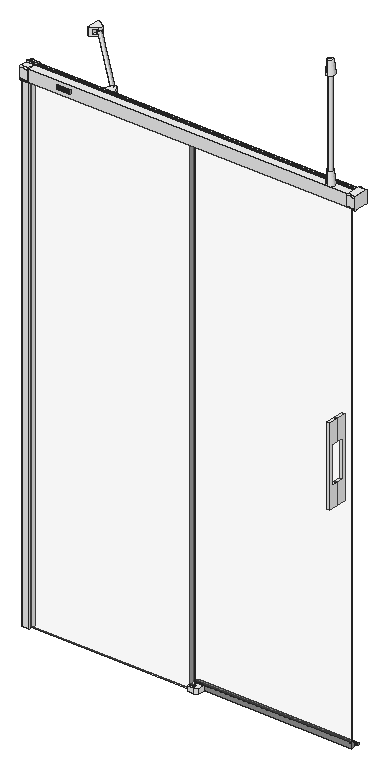
Revit family "Sanitary_Shower-screens_Duscholux_DuschoGredel_DuschoEryx _Separator-slider-door-shower", category Plumbing Fixtures, Revit 2017
Family settings
  Round Connector Dimension = Use Diameter
  Part Type = Normal
  OmniClass Number = 23.45.00.00
  OmniClass Title = Sanitary, Laundry, and Cleaning Equipment
  Work Plane-Based = No
  Always vertical = Yes
  Cut with Voids When Loaded = No
  Shared = No
  Room Calculation Point = No
Parameters (values of type "White Aluminium Finish")
  Visibility Vertical support = if(Min Max Width > 1100 mm, 1 < 2, 1 > 2)  # yes
  Vertical Support Lenght = 400 mm
  Uniclass 2015 Description = "Shower Enclosures"
  Uniclass 2015 Code = "PR-40-20-06-79"
  URL = "http://www.duscholux.es/"
  UNSPSC Code = "30181507"
  Thickness Safety Glass Sliding = 5 mm  # constant formula
  Text logo visibility = yes
  Wall Support lenght = sqrt(D1 ^ 2 + D1 ^ 2)  # 353.553 mm
  Technical Inspection Certificate (Applus) = "http://www.duscholux.es/resources/custom/var/APPLUS_en.pdf"
  Serie = "Duscho Gredel"
  Region South America = "Consult"
  Region Oceania = "Consult"
  Region North America = "Consult"
  Region Middle East = "Consult"
  Region Europe = "AD, ES, FR, PT"
  Region Asia = "Consult"
  Region Antartica = "Consult"
  Region Africa = "Consult"
  Ref. = "6OI / 6OD"
  Products = "http://www.duscholux.es/mamparas_filtro.aspx?es"
  Product group = "Slider door (Separator for Shower)"
  Product family = "Duscho Gredel"
  Optional = "Towel rail / Shelf"
  Opening System Image = "http://blob.duscholux.es/pluma512/SDIzq1f1pcorredera.gif"
  Opening System = "Sliding"
  Opening Percentage = 0
  Net Weight (Kg) = 48
  NBS Reference Description = "Shower Enclosures"
  NBS Reference Code = "45-35-70"
  Model = "DuschoEryx"
  Manufacturer name = "Duscholux Ibérica, S.A."
  Manufacturer country = "Spain"
  Maintenance and Cleaning = "http://www.duscholux.es/mamparas_limpieza.aspx?en"
  Logo visibility = yes
  Image = "http://www.duscholux.es/media/image/mamparas/m/6OI.jpg"
  IFC Classification = "Furnishing Element"
  Manufacturer = "Duscholux Ibérica, S.A."
  Handle Material = White Finish
  Glass in Building UNE EN 12150 = "CE Conformity marking"
  Glass Material = Glass Material Duscholux
  Frame Material = White Finish
  Thickness Safety Glass Fixed Panel = 8 mm  # constant formula
  Fact Sheet = "http://blob.duscholux.es/enpdf2018/Eryx1F1PSD.pdf"
  Environmental Management ISO 14001 = "ECOEMBES Certificate"
  Edition number = "1"
  Design country = "Spain / Germany"
  Description = "1 fixed + slider door for a recess (Shower)"
  Date of publishing = ""
  D1 = 250 mm
  Configuration enclosure = "http://configuratumampara.duscholux.es/eCatalogo.aspx"
  Components = "European components"
  Brand = "Duscholux"
  Assembly Code = "C1030200"
  Certified Quality UNE EN 14428 = "http://www.duscholux.es/duscholux_downloads.aspx?es"
  COBIe Type Category = ""
  Opening Door = ((Min Max Width / 2) - 150 mm) * Opening Percentage / 100  # 0 mm
  Sliding Door Width = (Min Max Width / 2) - 40 mm + 14 mm  # 574 mm
  Min Max Width = if(Width < 680 mm, 680 mm, if(Width > 1800 mm, 1800 mm, Width))  # 1200 mm
  Width = 1200 mm
  Handle Height = Max Height / 2  # 900 mm
  Max Height = if(Height > 2000 mm, 2000 mm, Height)  # 1800 mm
  Height = 1800 mm
  Accesories Material = White Finish
Types (5, lengths in mm): name | Visibility Vertical support | Vertical Support Lenght | Wall Support lenght | Image | Handle Material | Frame Material | D1 | Sliding Door Width | Min Max Width | Width | Handle Height | Max Height | Height | Accesories Material
  (no name) | yes | 400 | 353.553 | "http://www.duscholux.es/media/image/mamparas/m/6OI.jpg" | White Finish | White Finish | 250 | 574 | 1200 | 1200 | 900 | 1800 | 1800 | White Finish
  Silver Matt Aluminium Finish | yes | 600 | 353.553 | "http://www.duscholux.es/resources/custom/img/mamparas/DUSCHO%20GREDEL/modelos/1F1PSDC/mampara_h.jpg" | Chrome Finish | Silver Matt Finish | 250 | 549 | 1150 | 1150 | 900 | 1800 | 1800 | Chrome Finish
  Platinum Aluminium Finish | no | 600 | 350.018 | "http://www.duscholux.es/resources/custom/img/mamparas/DUSCHO%20GREDEL/modelos/1F1PSDC/mampara_h.jpg" | Chrome Finish | Platinium Aluminium Finish | 247.5 | 474 | 1000 | 1000 | 800 | 1600 | 1600 | Silver Matt Finish
  White Aluminium Finish | yes | 400 | 353.553 | "http://www.duscholux.es/media/image/mamparas/m/6OI.jpg" | White Finish | White Finish | 250 | 574 | 1200 | 1200 | 900 | 1800 | 1800 | White Finish
  Black Aluminium Finish | no | 600 | 353.553 | "http://www.duscholux.es/resources/custom/img/mamparas/DUSCHO%20GREDEL/modelos/1F1PSDC/mampara_h.jpg" | Chrome Finish | Black Aluminium Finish | 250 | 324 | 700 | 700 | 800 | 1600 | 1600 | Chrome Finish
Reference planes
  plane 1 "Centro (Frontal/Posterior)": y = 0
  plane 2: z = 0
  plane 3 "Centro (Izquierda/Derecha)": x = 0
  plane 4: x = 605.5
  plane 5: y = 23.489
  plane 6: y = 4
  plane 7: y = -4
  plane 8: z = 1800
  plane 9: z = 1759.85
  plane 10: z = 1757.85
  plane 11: x = 1191.5
  plane 12: x = -8.5
  plane 13: x = 18
  plane 14: z = 900
  plane 15: x = 591.5
  plane 16: x = 1163.5
  plane 17: x = 1189.5
  plane 18: z = 1780
  plane 19: x = 1149.5
  plane 20: x = 1089.5
Forms (mm)
  Extrusion 1, solid, material "Glass Material Duscholux" <- "Glass Material"
    sketch origin (500, 0, 0) x (1, 0, 0) y (0, 1, 0)
      loop
        line (-500, 4) -> (-500, -4) -> (105.5, -4) -> (105.5, 4) -> (-500, 4)
    from 1.937 to 1785
  Extrusion 2, solid, material "Glass Material Duscholux" <- "Glass Material"
    sketch origin (-45, 0, 0) x (1, 0, 0) y (0, 1, 0)
      loop
        line (620.5, 25.989) -> (620.5, 20.989) -> (1194.5, 20.989) -> (1194.5, 25.989) -> (620.5, 25.989)
    from 3.247 to 1785
  Extrusion 3, solid, material "White Finish" <- "Accesories Material"
    sketch origin (15, 0, 0) x (1, 0, 0) y (0, 1, 0)
      loop
        line (605.5, 30.989) -> (570.5, 30.989) -> (570.5, -8.011) -> (592.5, -8.011) -> (605.5, -4.011) -> (605.5, 30.989)
    from 0 to 18
  Extrusion 4, void
    sketch origin (15, 0, 0) x (1, 0, 0) y (0, 1, 0)
      loop
        line (570.5, 27.32) -> (570.5, 19.755) -> (605.5, 19.755) -> (605.5, 27.32) -> (570.5, 27.32)
    from 1.937 to 18
  Extrusion 5, void
    sketch origin (15, -100, 0) x (1, 0, 0) y (0, 1, 0)
      loop
        line (590.5, 104) -> (570.5, 104) -> (570.5, 96) -> (590.5, 96) -> (590.5, 104)
    from 1.937 to 18
  Extrusion 6, solid, material "White Finish" <- "Frame Material"
    sketch origin (0, 0, 0) x (1, 0, 0) y (0, 1, 0)
      loop
        line (18, 14.7) -> (-8.5, 14.7) -> (-8.5, -10.5) -> (18, -10.5) -> (18, -4.3) -> (7.35, -4.3) -> (7.35, -9) -> (-7, -9) -> (-7, 0) -> (-7, 13.2) -> (7.35, 13.2) -> (7.35, 4.3) -> (18, 4.3) -> (18, 14.7)
    from 0 to 1759.85
  Extrusion 7, solid, material "Plástico, transparente", detail levels fine
    sketch origin (0, -145.181, 3.42) x (0, 1, 0) y (0, 0, 1)
      loop
        line (194.949, 4.519) -> (171.958, 16.536)
        arc (171.958, 16.536) -> (171.38, 16.476) -> (171.21, 15.92) r 0.526
        line (171.21, 15.92) -> (171.449, 15) -> (171.449, -0.173) -> (165.989, -0.173) -> (165.989, 16.735) -> (164.936, 16.612) -> (164.936, -1.483) -> (172.501, -1.483) -> (172.501, 12.27)
        arc (172.501, 12.27) -> (172.794, 12.905) -> (173.466, 13.094) r 0.834
        line (173.466, 13.094) -> (193.449, 3.5) -> (193.449, -2.213)
        arc (193.449, -2.213) -> (194.154, -2.647) -> (194.949, -2.414) r 1.02
        line (194.949, -2.414) -> (194.949, 4.519)
    from 580.5 to 1149.5
  Extrusion 8, void
    sketch origin (0, -100, 0) x (0, 1, 0) y (0, 0, 1)
      loop
        line (130.989, 15.216) -> (130.989, 18) -> (127.32, 18) -> (127.32, 16.927) -> (130.989, 15.216)
    from 585.5 to 620.5
  Extrusion 9, solid, material "White Finish" <- "Frame Material"
    sketch origin (0, 0, 0) x (0, 1, 0) y (0, 0, 1)
      loop
        line (-16, 1800) -> (-16, 1759.85) -> (-6.5, 1759.85) -> (-6.5, 1794) -> (0, 1794) -> (6.5, 1794) -> (6.5, 1759.85) -> (18.5, 1759.85) -> (18.5, 1763.85) -> (9.5, 1763.85) -> (9.5, 1795.261) -> (23.519, 1795.261) -> (23.519, 1798.011) -> (31.069, 1798.011) -> (31.069, 1761.861) -> (29.669, 1761.861) -> (29.669, 1759.861) -> (33.069, 1759.861) -> (33.069, 1797.011)
        arc (33.069, 1797.011) -> (32.191, 1799.132) -> (30.069, 1800.011) r 3
        line (30.069, 1800.011) -> (21.519, 1800.011) -> (21.519, 1797.261) -> (12.519, 1797.261) -> (12.519, 1800) -> (-16, 1800)
      loop
        line (-9.5, 1791.05) -> (-13, 1791.05) -> (-13, 1763.85) -> (-9.5, 1763.85) -> (-9.5, 1791.05)
    from -8.5 to 1189.5
  Extrusion 10, solid, material "White Finish" <- "Accesories Material"
    sketch origin (0, 0, 0) x (0, 1, 0) y (0, 0, 1)
      loop
        arc (-15, 1802.011) -> (-17.121, 1801.132) -> (-18, 1799.011) r 3
        line (-18, 1799.011) -> (-18, 1761.188)
        arc (-18, 1761.188) -> (-16.882, 1758.721) -> (-14.289, 1757.935) r 3.281
        line (-14.289, 1757.935) -> (-14.288, 1753.858) -> (-10.5, 1753.858) -> (-10.5, 1759.85) -> (-16, 1759.85) -> (-16, 1800) -> (30.191, 1800)
        arc (30.191, 1800) -> (32.266, 1799.117) -> (33.069, 1797.011) r 2.881
        line (33.069, 1797.011) -> (33.069, 1759.861) -> (14.7, 1759.861) -> (14.7, 1753.858) -> (18.5, 1753.858) -> (18.5, 1757.85) -> (32.069, 1757.85)
        arc (32.069, 1757.85) -> (34.191, 1758.729) -> (35.069, 1760.85) r 3
        line (35.069, 1760.85) -> (35.069, 1797.011)
        arc (35.069, 1797.011) -> (33.605, 1800.546) -> (30.069, 1802.011) r 5
        line (30.069, 1802.011) -> (21.49, 1802.011)
        arc (21.49, 1802.011) -> (20.786, 1804.401) -> (18.52, 1805.435) r 3
        line (18.52, 1805.435) -> (12.519, 1805.435) -> (12.519, 1802.011) -> (-15, 1802.011)
    from -8.5 to 19.5
  Extrusion 11, solid, material "White Finish" <- "Accesories Material"
    sketch origin (0, -100, 0) x (0, 1, 0) y (0, 0, 1)
      loop
        arc (85, 1802.011) -> (82.879, 1801.132) -> (82, 1799.011) r 3
        line (82, 1799.011) -> (82, 1760.85)
        arc (82, 1760.85) -> (82.879, 1758.729) -> (85, 1757.85) r 3
        line (85, 1757.85) -> (132.069, 1757.85)
        arc (132.069, 1757.85) -> (134.191, 1758.729) -> (135.069, 1760.85) r 3
        line (135.069, 1760.85) -> (135.069, 1799.011)
        arc (135.069, 1799.011) -> (134.191, 1801.132) -> (132.069, 1802.011) r 3
        line (132.069, 1802.011) -> (85, 1802.011)
    from 1163.5 to 1191.5
  Extrusion 12, void
    sketch origin (0, -100, 0) x (0, 1, 0) y (0, 0, 1)
      loop
        line (84, 1800) -> (84, 1759.85) -> (133.069, 1759.85) -> (133.069, 1800) -> (84, 1800)
    from 1163.5 to 1189.5
  Extrusion 13, solid, material "Plástico, transparente", detail levels fine
    sketch origin (5.945, 0, 0) x (1, 0, 0) y (0, 1, 0)
      loop
        line (574.555, 26.267) -> (574.555, 27.32) -> (568.255, 27.32) -> (568.255, 19.707) -> (573.455, 19.707) -> (573.455, 5.807) -> (574.555, 5.807) -> (574.555, 20.807) -> (569.555, 20.807) -> (569.555, 26.267) -> (574.555, 26.267)
    from 1.937 to 1785
Cuts and joins
  Extrusion 4 cuts Extrusion 2
  Extrusion 4, Extrusion 5, Extrusion 8 cuts Extrusion 3
  Extrusion 5 cuts Extrusion 1
Lines and regions (mm)
  reference lines
    curve 1: line (0, 14.7, 1753.858) -> (0, 18.5, 1753.858)
    curve 2: line (0, 14.7, 1753.858) -> (0, 18.5, 1753.858)
    curve 3: line (0, -2.4, 0) -> (0, -2.4, 10)
    curve 4: line (1149.5, 26.267, 0) -> (1149.5, 88.904, 0)
Dimensions and locks
  locked: Extrusion 3 to Extrusion 3 at 18
  equal spacing: plane 6, plane 1 "Centro (Frontal/Posterior)", plane 7
  "Thickness Safety Glass Fixed Panel": plane 6 to plane 7
  "Thickness Safety Glass Sliding": cut or joined group of Extrusion 2, Extrusion 4 to cut or joined group of Extrusion 2, Extrusion 4
  locked: plane 8 to cut or joined group of Extrusion 1, Extrusion 5 at 15  (x2)
  locked: plane 8 to plane 9 at 40.15
  locked: Extrusion 10 to Extrusion 10 at 28
  plane 10 to plane 9 = 2 mm
  locked: plane 9 to plane 10 at 2
  locked: plane 12 to plane 3 "Centro (Izquierda/Derecha)" at 8.5
  "Handle Height": plane 14 to level
  equal spacing: plane 12, plane 15, plane 11
  locked: cut or joined group of Extrusion 3, Extrusion 4, Extrusion 5, Extrusion 8 to plane 4 at 20
  plane 15 to plane 4 = 14 mm
  locked: plane 15 to plane 4 at 14
  locked: plane 16 to plane 11 at 28
  locked: plane 17 to plane 11 at 2
  locked: plane 18 to plane 8 at 20
  locked: Extrusion 13 to Extrusion 13 at 6.3
  locked: Extrusion 13 to Extrusion 13 at 1.3
  locked: plane 15 to cut or joined group of Extrusion 3, Extrusion 4, Extrusion 5, Extrusion 8 at 29
  locked: cut or joined group of Extrusion 3, Extrusion 4, Extrusion 5, Extrusion 8 to plane 15 at 6
  "Opening Door": Extrusion 7 to plane 19
  "Sliding Door Width": cut or joined group of Extrusion 2, Extrusion 4 to cut or joined group of Extrusion 2, Extrusion 4
  locked: plane 19 to plane 17 at 40
  locked: plane 12 to nested 2 at 157
  "Max Height": plane 8 to plane 2
  "Min Max Width": plane 12 to plane 11
  locked: plane 20 to plane 19 at 60
  aligned and locked: level to plane 2
  aligned and locked: plane 4 to Extrusion 1
  aligned and locked: Extrusion 4 sketch curve to Extrusion 3
  aligned and locked: cut or joined group of Extrusion 3, Extrusion 4, Extrusion 5, Extrusion 8 to Extrusion 5 sketch curve
  aligned and locked: cut or joined group of Extrusion 3, Extrusion 4, Extrusion 5, Extrusion 8 to Extrusion 4
  aligned and locked: plane 6 to cut or joined group of Extrusion 1, Extrusion 5
  aligned and locked: plane 7 to cut or joined group of Extrusion 1, Extrusion 5
  aligned and locked: Extrusion 2 to Extrusion 7
  aligned and locked: cut or joined group of Extrusion 3, Extrusion 4, Extrusion 5, Extrusion 8 to cut or joined group of Extrusion 1, Extrusion 5  (x2)
  aligned and locked: cut or joined group of Extrusion 1, Extrusion 5 to cut or joined group of Extrusion 3, Extrusion 4, Extrusion 5, Extrusion 8
  aligned and locked: cut or joined group of Extrusion 2, Extrusion 4 to cut or joined group of Extrusion 1, Extrusion 5
  aligned and locked: Extrusion 9 sketch curve to plane 8
  aligned and locked: Extrusion 9 sketch curve to Extrusion 9 sketch curve
  aligned and locked: Extrusion 9 to Extrusion 6
  aligned and locked: Extrusion 9 to plane 9
  aligned and locked: plane 9 to Extrusion 6
  aligned and locked: cut or joined group of Extrusion 3, Extrusion 4, Extrusion 5, Extrusion 8 to cut or joined group of Extrusion 2, Extrusion 4
  aligned and locked: cut or joined group of Extrusion 3, Extrusion 4, Extrusion 5, Extrusion 8 to cut or joined group of Extrusion 3, Extrusion 4, Extrusion 5, Extrusion 8  (x2)
  aligned and locked: Extrusion 10 to Extrusion 9
  aligned and locked: Extrusion 6 to plane 12
  aligned and locked: cut or joined group of Extrusion 1, Extrusion 5 to plane 3 "Centro (Izquierda/Derecha)"
  aligned and locked: plane 17 to Extrusion 9
  aligned and locked: Extrusion 11 to plane 16
  aligned and locked: plane 11 to Extrusion 11
  aligned and locked: Extrusion 12 sketch curve to plane 8
  aligned and locked: plane 9 to Extrusion 12 sketch curve
  aligned and locked: plane 17 to Extrusion 12
  aligned and locked: Extrusion 12 to plane 16
  aligned and locked: cut or joined group of Extrusion 1, Extrusion 5 to Extrusion 13
  aligned and locked: nested 1 to plane 18
  aligned and locked: nested 1 to plane 12
  aligned and locked: Extrusion 7 to cut or joined group of Extrusion 2, Extrusion 4
  aligned and locked: Extrusion 13 to cut or joined group of Extrusion 2, Extrusion 4
  aligned and locked: Extrusion 7 to Extrusion 13
  aligned and locked: nested 2 to plane 18
  aligned and locked: nested 3 to plane 1 "Centro (Frontal/Posterior)"
  aligned and locked: plane 14 to nested 4
  aligned and locked: nested 4 to plane 20
  aligned and locked: plane 14 to nested 5
  aligned and locked: plane 20 to nested 5
  aligned and locked: plane 20 to nested 3
Automatic sketch dimensions
  curve 3 to level = 0 mm
  plane 10 to curve 2 = 3.992 mm
  plane 5 to curve 2 = 8.789 mm
  curve 1 to curve 2 = 3.8 mm
  curve 3 to plane 7 = 1.6 mm
  level to curve 3 = 10 mm
  Extrusion 1 sketch curve to plane 3 "Centro (Izquierda/Derecha)" = 0 mm
  Extrusion 1 sketch curve to plane 4 = 0 mm
  plane 7 to Extrusion 1 sketch curve = 0 mm
  Extrusion 1 sketch curve to plane 6 = 0 mm
  Extrusion 2 sketch curve to plane 16 = 14 mm
  plane 5 to Extrusion 2 sketch curve = 2.5 mm
  Extrusion 2 sketch curve to plane 5 = 2.5 mm
  Extrusion 3 sketch curve to plane 15 = 6 mm
  plane 4 to Extrusion 3 sketch curve = 2 mm
  plane 7 to Extrusion 3 sketch curve = 0.011 mm
  Extrusion 3 sketch curve to Extrusion 3 sketch curve = 13 mm
  plane 7 to Extrusion 3 sketch curve = 4.011 mm
  Extrusion 3 sketch curve to plane 5 = 7.5 mm
  plane 5 to Extrusion 4 sketch curve = 3.734 mm
  plane 4 to Extrusion 4 sketch curve = 15 mm
  Extrusion 4 sketch curve to plane 5 = 3.831 mm
  Extrusion 5 sketch curve to plane 4 = 0 mm
  plane 7 to Extrusion 5 sketch curve = 0 mm
  Extrusion 5 sketch curve to plane 6 = 0 mm
  Extrusion 6 sketch curve to plane 12 = 0 mm
  plane 1 "Centro (Frontal/Posterior)" to Extrusion 6 sketch curve = 0 mm
  Extrusion 6 sketch curve to plane 13 = 0 mm  (x2)
  plane 12 to Extrusion 6 sketch curve = 1.5 mm
  plane 3 "Centro (Izquierda/Derecha)" to Extrusion 6 sketch curve = 7.35 mm  (x2)
  plane 6 to Extrusion 6 sketch curve = 0.3 mm
  plane 7 to Extrusion 6 sketch curve = 0.3 mm
  plane 7 to Extrusion 6 sketch curve = 5 mm
  Extrusion 6 sketch curve to Extrusion 6 sketch curve = 1.5 mm
  plane 6 to Extrusion 6 sketch curve = 9.2 mm
  plane 5 to Extrusion 6 sketch curve = 8.789 mm
  plane 5 to Extrusion 7 sketch curve = 3.734 mm
  Extrusion 7 sketch curve to Extrusion 7 sketch curve = 1.053 mm  (x2)
  Extrusion 7 sketch curve to plane 5 = 2.54 mm
  Extrusion 7 sketch curve to plane 5 = 2.779 mm
  Extrusion 7 sketch curve to Extrusion 7 sketch curve = 0.504 mm
  Extrusion 7 sketch curve to Extrusion 7 sketch curve = 0.244 mm
  Extrusion 7 sketch curve to Extrusion 7 sketch curve = 0.834 mm
  Extrusion 7 sketch curve to Extrusion 7 sketch curve = 0.131 mm
  level to Extrusion 7 sketch curve = 6.92 mm
  Extrusion 7 sketch curve to Extrusion 7 sketch curve = 20.947 mm
  Extrusion 7 sketch curve to Extrusion 7 sketch curve = 0.841 mm
  Extrusion 7 sketch curve to Extrusion 7 sketch curve = 1.5 mm
  level to Extrusion 7 sketch curve = 3.247 mm
  Extrusion 7 sketch curve to Extrusion 7 sketch curve = 1.31 mm
  level to Extrusion 7 sketch curve = 1.785 mm
  Extrusion 7 sketch curve to Extrusion 7 sketch curve = 0.578 mm
  Extrusion 7 sketch curve to Extrusion 7 sketch curve = 1.019 mm
  Extrusion 7 sketch curve to Extrusion 7 sketch curve = 12.444 mm
  Extrusion 7 sketch curve to Extrusion 7 sketch curve = 1.906 mm
  Extrusion 7 sketch curve to Extrusion 7 sketch curve = 0.92 mm
  Extrusion 7 sketch curve to Extrusion 7 sketch curve = 0.15 mm
  Extrusion 7 sketch curve to Extrusion 7 sketch curve = 0.692 mm
  Extrusion 7 sketch curve to Extrusion 7 sketch curve = 0.123 mm
  Extrusion 8 sketch curve to plane 5 = 3.831 mm
  Extrusion 8 sketch curve to Extrusion 8 sketch curve = 3.669 mm
  level to Extrusion 8 sketch curve = 15.216 mm
  Extrusion 8 sketch curve to Extrusion 8 sketch curve = 1.711 mm
  Extrusion 8 sketch curve to Extrusion 8 sketch curve = 2.784 mm
  Extrusion 9 sketch curve to plane 9 = 0 mm  (x2)
  Extrusion 9 sketch curve to plane 1 "Centro (Frontal/Posterior)" = 0 mm
  plane 7 to Extrusion 9 sketch curve = 2.5 mm
  Extrusion 9 sketch curve to Extrusion 9 sketch curve = 3 mm  (x3)
  Extrusion 9 sketch curve to Extrusion 9 sketch curve = 3.5 mm
  plane 6 to Extrusion 9 sketch curve = 2.5 mm
  Extrusion 9 sketch curve to Extrusion 9 sketch curve = 3.019 mm
  plane 5 to Extrusion 9 sketch curve = 4.989 mm
  plane 8 to Extrusion 9 sketch curve = 0.011 mm
  plane 5 to Extrusion 9 sketch curve = 1.969 mm
  Extrusion 9 sketch curve to plane 5 = 0.031 mm
  plane 9 to Extrusion 9 sketch curve = 0.011 mm
  Extrusion 9 sketch curve to plane 5 = 6.181 mm
  Extrusion 9 sketch curve to plane 5 = 6.581 mm
  Extrusion 9 sketch curve to Extrusion 9 sketch curve = 1 mm  (x2)
  Extrusion 9 sketch curve to Extrusion 9 sketch curve = 2 mm
  plane 9 to Extrusion 9 sketch curve = 2.011 mm
  plane 9 to Extrusion 9 sketch curve = 4 mm
  Extrusion 9 sketch curve to plane 8 = 8.95 mm
  Extrusion 9 sketch curve to Extrusion 9 sketch curve = 2.95 mm
  Extrusion 9 sketch curve to plane 8 = 4.739 mm
  Extrusion 9 sketch curve to plane 8 = 2.739 mm
  Extrusion 10 sketch curve to plane 9 = 0 mm
  Extrusion 10 sketch curve to plane 8 = 0 mm
  plane 10 to Extrusion 10 sketch curve = 0 mm
  plane 9 to Extrusion 10 sketch curve = 1.338 mm
  plane 7 to Extrusion 10 sketch curve = 14 mm
  Extrusion 10 sketch curve to Extrusion 10 sketch curve = 2 mm
  Extrusion 10 sketch curve to Extrusion 10 sketch curve = 1 mm  (x2)
  Extrusion 10 sketch curve to Extrusion 10 sketch curve = 1.281 mm
  Extrusion 10 sketch curve to plane 10 = 0.085 mm
  plane 10 to Extrusion 10 sketch curve = 3.992 mm  (x2)
  Extrusion 10 sketch curve to Extrusion 10 sketch curve = 0.001 mm
  Extrusion 10 sketch curve to Extrusion 10 sketch curve = 3.789 mm
  plane 8 to Extrusion 10 sketch curve = 2.011 mm  (x2)
  plane 6 to Extrusion 10 sketch curve = 8.519 mm
  plane 5 to Extrusion 10 sketch curve = 8.789 mm
  Extrusion 10 sketch curve to Extrusion 10 sketch curve = 3.8 mm
  plane 8 to Extrusion 10 sketch curve = 2.435 mm
  plane 5 to Extrusion 10 sketch curve = 4.969 mm
  plane 5 to Extrusion 10 sketch curve = 1.999 mm
  Extrusion 10 sketch curve to plane 5 = 6.581 mm
  Extrusion 10 sketch curve to Extrusion 10 sketch curve = 0.121 mm
  Extrusion 10 sketch curve to plane 5 = 8.581 mm
  plane 9 to Extrusion 10 sketch curve = 0.011 mm
  plane 9 to Extrusion 10 sketch curve = 1 mm
  Extrusion 10 sketch curve to Extrusion 10 sketch curve = 0 mm
  plane 10 to Extrusion 11 sketch curve = 0 mm
  plane 9 to Extrusion 11 sketch curve = 1 mm  (x2)
  plane 7 to Extrusion 11 sketch curve = 14 mm
  Extrusion 11 sketch curve to plane 8 = 0.989 mm
  Extrusion 11 sketch curve to Extrusion 11 sketch curve = 3 mm
  Extrusion 11 sketch curve to plane 5 = 8.581 mm  (x2)
  plane 7 to Extrusion 12 sketch curve = 12 mm
  Extrusion 12 sketch curve to plane 5 = 9.581 mm
  Extrusion 13 sketch curve to Extrusion 13 sketch curve = 1.1 mm  (x2)
  plane 5 to Extrusion 13 sketch curve = 17.681 mm
  plane 5 to Extrusion 13 sketch curve = 3.781 mm
  Extrusion 13 sketch curve to Extrusion 13 sketch curve = 5.46 mm
  Extrusion 13 sketch curve to Extrusion 13 sketch curve = 1.053 mm
  Extrusion 13 sketch curve to Extrusion 13 sketch curve = 3.9 mm
  Extrusion 13 sketch curve to Extrusion 13 sketch curve = 1.3 mm
  Extrusion 2 sketch curve to plane 15 = 16 mm
  Extrusion 13 sketch curve to plane 15 = 17.3 mm
  Extrusion 13 sketch curve to Extrusion 13 sketch curve = 5 mm
  curve 4 to plane 5 = 2.779 mm
  curve 4 to plane 19 = 0 mm
  curve 4 to curve 4 = 62.637 mm
Nested families
  nested 1: "Wall-Support" at (266.5, 33.069, 1780) x (-1, 0, 0) z (0, 1, 0), type "Wall-Support"
    with Longitud 353.553 mm, D1 250 mm
  nested 2: "LOGO" at (148.5, -16, 1780) x (1, 0, 0) z (0, -1, 0), type "LOGO"
  nested 3: "Vertical-Support" at (1089.5, 0, 1800) x (0, 1, 0) z (0, 0, 1), type "Vertical support"
    with Long 400 mm
  nested 4: "Handle-Gredel" at (1089.5, 20.989, 900) x (-1, 0, 0) z (0, -1, 0), type "Handle-Gredel"
  nested 5: "Handle-Gredel" at (1089.5, 25.989, 900) x (1, 0, 0) z (0, 1, 0), type "Handle-Gredel"
Definition of nested family "Wall-Support"
  Parameters (values of type "soporte 3300-3301-3303")
    Material Accesorios = none
    Longitud = sqrt(D1 ^ 2 + D1 ^ 2)  # 354.968 mm
    Default Elevation = 1219.2 mm
    D1 = 251 mm
    Angulo soporte = 45.00°
  Reference planes
    plane 1 "Centro (Frontal/Posterior)": y = 0
    plane 2: z = 0
    plane 3 "Centro (Izquierda/Derecha)": x = 0
    plane 4: x = -780
    plane 5: through (279.307, -4572, 304.307) normal (0.7071, 0, -0.7071)
    plane 6: z = 276
    plane 7: through (3.536, -4572, 21.464) normal (-0.7071, 0, -0.7071)
    plane 8: x = 208.013
    plane 9: through (254.536, -4572, 272.464) normal (0.7071, 0, 0.7071)
    plane 10: x = 251
    plane 11: z = 25
    plane 12: x = 276
  Forms (mm)
    Extrusion 1, solid
      sketch origin (0, 0, 0) x (1, 0, 0) y (0, 1, 0)
        loop
          line (-1219.2, 1219.2) -> (-1219.2, -1219.2) -> (1219.2, -1219.2) -> (1219.2, 1219.2) -> (-1219.2, 1219.2)
      from 0 to -304.8
    Extrusion 2, solid, material <- "Material Accesorios"
      sketch origin (0, 0, -47.012) x (1, 0, 0) y (0, 0, 1)
        loop
          line (-8.828, 76.709) -> (-22.5, 51.012) -> (-22.5, 47.012) -> (22.5, 47.012) -> (22.5, 51.012) -> (8.828, 76.709)
          arc (8.828, 76.709) -> (0, 82.012) -> (-8.828, 76.709) r 10
      from -14 to 14
    Extrusion 3, void
      sketch origin (0, 0, 0) x (1, 0, 0) y (0, 0, 1)
        loop
          line (-17.712, 13) -> (17.712, 13) -> (8.828, 29.697)
          arc (8.828, 29.697) -> (0, 35) -> (-8.828, 29.697) r 10
          line (-8.828, 29.697) -> (-17.712, 13)
      from -8 to 8
    Extrusion 4, solid, material <- "Material Accesorios"
      sketch origin (0, 0, 0) x (1, 0, 0) y (0, 0, 1)
        loop
          circle (0, 25) r 9.033
      from -8 to 8
    Extrusion 5, solid, material <- "Material Accesorios"
      sketch origin (-51.548, 0, 76.548) x (0.707107, 0, -0.707107) y (0, 1, 0)
        loop
          circle (72.899, 0) r 5
      from 0 to 354.968
    Extrusion 6, solid, not visible
      sketch origin (857.012, 0, 804.987) x (0, 0, 1) y (-1, 0, 0)
        loop
          line (-8.828, 76.709) -> (-22.5, 51.012) -> (-22.5, 47.012) -> (22.5, 47.012) -> (22.5, 51.012) -> (8.828, 76.709)
          arc (8.828, 76.709) -> (0, 82.012) -> (-8.828, 76.709) r 10
      from -14 to 14
    Extrusion 7, void, not visible
      sketch origin (810, 0, 804.987) x (0, 0, 1) y (-1, 0, 0)
        loop
          line (-17.712, 13) -> (17.712, 13) -> (8.828, 29.697)
          arc (8.828, 29.697) -> (0, 35) -> (-8.828, 29.697) r 10
          line (-8.828, 29.697) -> (-17.712, 13)
      from -8 to 8
    Extrusion 8, solid, not visible
      sketch origin (5, 0, 0) x (1, 0, 0) y (0, 0, 1)
        loop
          circle (780, 804.987) r 9.039
      from -8 to 8
    Extrusion 9, solid, material <- "Material Accesorios", not visible
      sketch origin (-215, 0, -47.012) x (1, 0, 0) y (0, 0, 1)
        loop
          line (-8.828, 76.709) -> (-22.5, 51.012) -> (-22.5, 47.012) -> (22.5, 47.012) -> (22.5, 51.012) -> (8.828, 76.709)
          arc (8.828, 76.709) -> (0, 82.012) -> (-8.828, 76.709) r 10
      from -14 to 14
    Extrusion 10, void, not visible
      sketch origin (-215, 0, 0) x (1, 0, 0) y (0, 0, 1)
        loop
          line (-17.712, 13) -> (17.712, 13) -> (8.828, 29.697)
          arc (8.828, 29.697) -> (0, 35) -> (-8.828, 29.697) r 10
          line (-8.828, 29.697) -> (-17.712, 13)
      from -8 to 8
    Extrusion 11, solid, material <- "Material Accesorios", not visible
      sketch origin (-215, 0, 0) x (1, 0, 0) y (0, 0, 1)
        loop
          circle (0, 25) r 9.033
      from -8 to 8
    Extrusion 12, solid, material <- "Material Accesorios"
      sketch origin (282.012, 0, 235) x (0, 0, -1) y (1, 0, 0)
        loop
          arc (-49.828, -35.709) -> (-41, -41.012) -> (-32.172, -35.709) r 10
          line (-32.172, -35.709) -> (-18.5, -10.012) -> (-18.5, -6.012) -> (-63.5, -6.012) -> (-63.5, -10.012) -> (-49.828, -35.709)
      from -14 to 14
    Extrusion 13, void
      sketch origin (235, 0, 235) x (0, 0, -1) y (1, 0, 0)
        loop
          line (-58.712, 28) -> (-49.828, 11.303)
          arc (-49.828, 11.303) -> (-41, 6) -> (-32.172, 11.303) r 10
          line (-32.172, 11.303) -> (-23.288, 28) -> (-58.712, 28)
      from -8 to 8
    Extrusion 14, solid, material <- "Material Accesorios"
      sketch origin (0, 0, 0) x (1, 0, 0) y (0, 0, 1)
        loop
          circle (251, 276) r 9.035
      from -8 to 8
  Cuts and joins
    Extrusion 3 cuts Extrusion 2
    joined: Extrusion 2, Extrusion 4
    Extrusion 13 cuts Extrusion 12
    joined: Extrusion 5, Extrusion 14
  Dimensions and locks
    plane 4 to plane 3 "Centro (Izquierda/Derecha)" = 780 mm
    "Longitud": plane 7 to plane 9
    "D1": plane 10 to plane 3 "Centro (Izquierda/Derecha)"
    "D1": plane 6 to plane 11
    locked: plane 11 to Extrusion 1 at 25
    locked: plane 12 to plane 10 at 25
    locked: cut or joined group of Extrusion 12, Extrusion 13 to plane 10 at 12
    aligned and locked: plane 2 to Extrusion 1
    aligned and locked: level to Extrusion 1
    aligned and locked: cut or joined group of Extrusion 2, Extrusion 3, Extrusion 4 to Extrusion 1  (x2)
    aligned and locked: plane 9 to Extrusion 5
    aligned and locked: plane 12 to cut or joined group of Extrusion 12, Extrusion 13
    aligned and locked: cut or joined group of Extrusion 12, Extrusion 13 to Extrusion 14  (x2)
  Automatic sketch dimensions
    Extrusion 2 sketch curve to Extrusion 2 sketch curve = 4 mm  (x2)
    Extrusion 2 sketch curve to Extrusion 2 sketch curve = 13.672 mm  (x2)
    Extrusion 2 sketch curve to Extrusion 2 sketch curve = 8.828 mm  (x2)
    Extrusion 2 sketch curve to Extrusion 2 sketch curve = 21 mm
    Extrusion 2 sketch curve to Extrusion 2 sketch curve = 4.697 mm
    Extrusion 3 sketch curve to Extrusion 3 sketch curve = 8.883 mm  (x2)
    Extrusion 3 sketch curve to Extrusion 3 sketch curve = 8.828 mm  (x2)
    Extrusion 3 sketch curve to Extrusion 3 sketch curve = 12 mm
    Extrusion 3 sketch curve to Extrusion 3 sketch curve = 4.697 mm
    Extrusion 9 sketch curve to Extrusion 9 sketch curve = 4 mm  (x2)
    Extrusion 9 sketch curve to Extrusion 9 sketch curve = 13.672 mm  (x2)
    Extrusion 9 sketch curve to Extrusion 9 sketch curve = 8.828 mm  (x2)
    Extrusion 9 sketch curve to Extrusion 9 sketch curve = 21 mm
    Extrusion 9 sketch curve to Extrusion 9 sketch curve = 4.697 mm
    Extrusion 10 sketch curve to Extrusion 10 sketch curve = 8.883 mm  (x2)
    Extrusion 10 sketch curve to Extrusion 10 sketch curve = 8.828 mm  (x2)
    Extrusion 10 sketch curve to Extrusion 10 sketch curve = 12 mm
    Extrusion 10 sketch curve to Extrusion 10 sketch curve = 4.697 mm
    Extrusion 1 sketch curve to Extrusion 1 sketch curve = 2438.4 mm  (x2)
    plane 1 "Centro (Frontal/Posterior)" to Extrusion 5 sketch curve = 0 mm
    Extrusion 5 sketch curve to plane 5 = 0 mm
    plane 6 to Extrusion 12 sketch curve = 22.5 mm
    Extrusion 12 sketch curve to Extrusion 12 sketch curve = 13.672 mm  (x2)
    Extrusion 12 sketch curve to Extrusion 12 sketch curve = 8.828 mm  (x2)
    Extrusion 12 sketch curve to Extrusion 12 sketch curve = 4 mm  (x2)
    Extrusion 12 sketch curve to Extrusion 12 sketch curve = 21 mm
    Extrusion 12 sketch curve to Extrusion 12 sketch curve = 4.697 mm
    plane 6 to Extrusion 13 sketch curve = 17.712 mm
    Extrusion 13 sketch curve to Extrusion 13 sketch curve = 8.883 mm  (x2)
    Extrusion 13 sketch curve to Extrusion 13 sketch curve = 8.828 mm  (x2)
    Extrusion 13 sketch curve to Extrusion 13 sketch curve = 12 mm
    Extrusion 13 sketch curve to Extrusion 13 sketch curve = 4.697 mm
    Extrusion 12 sketch curve to plane 10 = 25 mm
    Extrusion 13 sketch curve to plane 10 = 12 mm
    Extrusion 14 sketch curve to plane 5 = 0 mm
    Extrusion 14 sketch curve to plane 6 = 0 mm
    radius of Extrusion 4 sketch curve = 9.033 mm
    radius of Extrusion 11 sketch curve = 9.033 mm
    radius of Extrusion 5 sketch curve = 5 mm
    radius of Extrusion 14 sketch curve = 9.035 mm
Definition of nested family "LOGO"
  Parameters (values of type "LOGO")
    logo visibility = yes
    Text visibility = yes
    Default Elevation = 1219.2 mm
  Reference planes
    plane 1 "Center (Front/Back)": y = 0
    plane 2: z = 0
    plane 3 "Center (Left/Right)": x = 0
  Forms (mm)
    Extrusion 1, solid
      sketch origin (0, 0, 0) x (1, 0, 0) y (0, 1, 0)
        loop
          line (-1219.2, 1219.2) -> (-1219.2, -1219.2) -> (1219.2, -1219.2) -> (1219.2, 1219.2) -> (-1219.2, 1219.2)
      from 0 to -304.8
    Blend 2, solid, visible <- "logo visibility"
      base sketch origin (-30.49, -3.692, 0) x (1, 0, 0) y (0, 1, 0)
        loop
          line (6.49, 11.264) -> (3.006, -3.88) -> (54.49, -3.88) -> (54.49, 11.264) -> (6.49, 11.264)
      top sketch origin (-30.49, -3.692, 0) x (1, 0, 0) y (0, 1, 0)
        loop
          line (7.286, 10.264) -> (4.263, -2.88) -> (53.49, -2.88) -> (53.49, 10.264) -> (7.286, 10.264)
      from 0 to 2
    Extrusion 3, solid, visible <- "Text visibility"
      sketch origin (-30.49, -3.692, 0) x (1, 0, 0) y (0, 1, 0)
        loop
          line (15.152, 7.116) -> (10.723, 7.116) -> (10.476, 6.041) -> (14.179, 6.041) -> (12.696, -0.409) -> (11.829, -0.409) -> (13.101, 5.12) -> (11.604, 5.12) -> (10.085, -1.484) -> (13.23, -1.484) -> (14.106, -0.786) -> (15.75, 6.364) -> (15.152, 7.116)
        loop
          line (16.173, 5.12) -> (14.828, -0.732) -> (15.426, -1.484) -> (17.802, -1.484) -> (18.675, -0.788) -> (20.034, 5.12) -> (18.537, 5.12) -> (17.33, -0.127) -> (16.464, -0.127) -> (17.67, 5.12) -> (16.173, 5.12)
        loop
          line (19.998, 1.879) -> (20.596, 1.127) -> (22.11, 1.127) -> (21.756, -0.409) -> (19.472, -0.409) -> (19.224, -1.484) -> (22.354, -1.484) -> (23.152, -0.849) -> (23.716, 1.603) -> (23.118, 2.355) -> (21.604, 2.355) -> (21.993, 4.045) -> (24.278, 4.045) -> (24.525, 5.12) -> (21.395, 5.12) -> (20.597, 4.484) -> (19.998, 1.879)
        loop
          line (25.886, 5.12) -> (25.088, 4.484) -> (23.888, -0.732) -> (24.487, -1.484) -> (26.958, -1.484) -> (27.714, -0.881) -> (28.07, 0.666) -> (26.573, 0.666) -> (26.367, -0.23) -> (25.501, -0.23) -> (26.443, 3.866) -> (27.309, 3.866) -> (27.103, 2.97) -> (28.6, 2.97) -> (28.922, 4.368) -> (28.323, 5.12) -> (25.886, 5.12)
        loop
          line (29.804, 5.12) -> (28.285, -1.484) -> (29.782, -1.484) -> (30.382, 1.127) -> (31.249, 1.127) -> (30.649, -1.484) -> (32.146, -1.484) -> (33.664, 5.12) -> (32.167, 5.12) -> (31.496, 2.202) -> (30.63, 2.202) -> (31.301, 5.12) -> (29.804, 5.12)
        loop
          arc (35.087, 5.12) -> (34.592, 5.023) -> (34.261, 4.643) r 0.775
          line (34.261, 4.643) -> (33.025, -0.732)
          arc (33.025, -0.732) -> (33.245, -1.264) -> (33.777, -1.484) r 0.752
          line (33.777, -1.484) -> (35.898, -1.484)
          arc (35.898, -1.484) -> (36.432, -1.374) -> (36.742, -0.927) r 0.733
          line (36.742, -0.927) -> (37.96, 4.368)
          arc (37.96, 4.368) -> (37.842, 4.888) -> (37.362, 5.12) r 0.614
          line (37.362, 5.12) -> (35.087, 5.12)
        loop
          line (35.521, -0.23) -> (36.463, 3.866) -> (35.464, 3.866) -> (34.522, -0.23) -> (35.521, -0.23)
        loop
          line (39.299, 7.116) -> (37.321, -1.484) -> (50.066, -1.484) -> (49.529, -0.409) -> (38.95, -0.409) -> (40.681, 7.116) -> (39.299, 7.116)
        loop
          line (47.907, 2.834) -> (50.065, 5.12) -> (48.606, 5.12) -> (47.402, 3.844) -> (46.764, 5.12) -> (45.305, 5.12) -> (46.448, 2.834) -> (44.039, 0.282) -> (45.497, 0.282) -> (46.953, 1.824) -> (47.724, 0.282) -> (49.183, 0.282) -> (47.907, 2.834)
        loop
          line (43.232, 5.12) -> (42.354, 1.305) -> (41.51, 1.305) -> (42.387, 5.12) -> (40.928, 5.12) -> (39.988, 1.034) -> (40.587, 0.282) -> (42.855, 0.282) -> (43.74, 0.987) -> (44.69, 5.12) -> (43.232, 5.12)
        loop
          circle (48.393, 7.593) r 1.398
        loop
          circle (48.393, 7.593) r 1.101
      from 1.293 to 2.2
  Dimensions and locks
    aligned and locked: plane 2 to Extrusion 1
    aligned and locked: level to Extrusion 1
Definition of nested family "Vertical-Support"
  Parameters (values of type "8047")
    Visibility = yes
    Long = 600 mm
    Default Elevation = 1219.2 mm
    Accesories Material = none
  Reference planes
    plane 1 "Centro (Frontal/Posterior)": y = 0
    plane 2: z = 0
    plane 3 "Centro (Izquierda/Derecha)": x = 0
    plane 4: z = 0
    plane 5: z = 600
  Forms (mm)
    Extrusion 1, solid
      sketch origin (0, 0, 0) x (1, 0, 0) y (0, 1, 0)
        loop
          line (-1219.2, 1219.2) -> (-1219.2, -1219.2) -> (1219.2, -1219.2) -> (1219.2, 1219.2) -> (-1219.2, 1219.2)
      from 0 to -304.8
    Blend 2, solid, material <- "Accesories Material", visible <- "Visibility"
      base sketch origin (0, 0, 0) x (1, 0, 0) y (0, 1, 0)
        loop
          circle (0, 0) r 13.976
      top sketch origin (0, 0, 0) x (1, 0, 0) y (0, 1, 0)
        loop
          circle (0, 0) r 10
      from 0 to 45
    Blend 3, void
      base sketch origin (0, 0, 0) x (1, 0, 0) y (0, 1, 0)
        loop
          circle (0, 0) r 13.2
      top sketch origin (0, 0, 0) x (1, 0, 0) y (0, 1, 0)
        loop
          circle (0, 0) r 9.183
      from 0 to 43.7
    Extrusion 4, solid, material <- "Accesories Material", visible <- "Visibility"
      sketch origin (0, 0, 0) x (1, 0, 0) y (0, 1, 0)
        loop
          circle (0, 0) r 7.512
      from 45 to 555
    Blend 5, solid, material <- "Accesories Material", visible <- "Visibility"
      base sketch origin (0, 0, 680.924) x (0, -1, 0) y (1, 0, 0)
        loop
          circle (0, 0) r 13.976
      top sketch origin (0, 0, 680.924) x (0, -1, 0) y (1, 0, 0)
        loop
          circle (0, 0) r 10
      from -125.924 to -80.924
    Blend 6, void
      base sketch origin (0, 0, 680.924) x (0, -1, 0) y (1, 0, 0)
        loop
          circle (0, 0) r 13.2
      top sketch origin (0, 0, 680.924) x (0, -1, 0) y (1, 0, 0)
        loop
          circle (0, 0) r 9.183
      from -125.924 to -82.224
  Cuts and joins
    Blend 3, Blend 6 cuts Blend 2
    Blend 6 cuts Blend 5
    joined: Blend 2, Extrusion 4, Blend 5
  Dimensions and locks
    locked: cut or joined group of Blend 2, Blend 3, Extrusion 4, Blend 5, Blend 6 to cut or joined group of Blend 2, Blend 3, Extrusion 4, Blend 5, Blend 6 at 45
    "Long": plane 5 to plane 4
    locked: cut or joined group of Blend 2, Blend 3, Extrusion 4, Blend 5, Blend 6 to cut or joined group of Blend 2, Blend 3, Extrusion 4, Blend 5, Blend 6 at 43.7
    aligned and locked: plane 2 to Extrusion 1
    aligned and locked: level to Extrusion 1
    aligned and locked: plane 4 to level
    aligned and locked: Extrusion 4 to cut or joined group of Blend 2, Blend 3, Extrusion 4, Blend 5, Blend 6
    aligned and locked: plane 5 to cut or joined group of Blend 2, Blend 3, Extrusion 4, Blend 5, Blend 6
    aligned and locked: cut or joined group of Blend 2, Blend 3, Extrusion 4, Blend 5, Blend 6 to cut or joined group of Blend 2, Blend 3, Extrusion 4, Blend 5, Blend 6
    aligned and locked: Blend 6 to Extrusion 4
  Automatic sketch dimensions
    Extrusion 1 sketch curve to Extrusion 1 sketch curve = 2438.4 mm  (x2)
    plane 1 "Centro (Frontal/Posterior)" to Blend 2 sketch curve = 0 mm  (x2)
    Blend 2 sketch curve to plane 3 "Centro (Izquierda/Derecha)" = 0 mm  (x2)
    plane 1 "Centro (Frontal/Posterior)" to Blend 3 sketch curve = 0 mm  (x2)
    Blend 3 sketch curve to plane 3 "Centro (Izquierda/Derecha)" = 0 mm  (x2)
    plane 1 "Centro (Frontal/Posterior)" to Extrusion 4 sketch curve = 0 mm
    Extrusion 4 sketch curve to plane 3 "Centro (Izquierda/Derecha)" = 0 mm
    plane 1 "Centro (Frontal/Posterior)" to Blend 5 sketch curve = 0 mm  (x2)
    Blend 5 sketch curve to plane 3 "Centro (Izquierda/Derecha)" = 0 mm  (x2)
    plane 1 "Centro (Frontal/Posterior)" to Blend 6 sketch curve = 0 mm  (x2)
    Blend 6 sketch curve to plane 3 "Centro (Izquierda/Derecha)" = 0 mm  (x2)
    radius of Blend 2 sketch curve = 13.976 mm
    radius of Blend 2 sketch curve = 10 mm
    radius of Blend 3 sketch curve = 13.2 mm
    radius of Blend 3 sketch curve = 9.183 mm
    radius of Extrusion 4 sketch curve = 7.512 mm
    radius of Blend 5 sketch curve = 13.976 mm
    radius of Blend 5 sketch curve = 10 mm
    radius of Blend 6 sketch curve = 13.2 mm
    radius of Blend 6 sketch curve = 9.183 mm
Definition of nested family "Handle-Gredel"
  Parameters (values of type "Tirador349")
    Material Tiradores = none
    Long. tirador = 280 mm
    Espesor = 10 mm
    Default Elevation = 1219.2 mm
  Reference planes
    plane 1 "Centro (Frontal/Posterior)": y = 0
    plane 2: z = 0
    plane 3 "Centro (Izquierda/Derecha)": x = 0
    plane 4: y = 140
    plane 5: y = -140
    plane 6: x = -5
    plane 7: x = 5
  Forms (mm)
    Extrusion 1, solid
      sketch origin (0, 0, 0) x (1, 0, 0) y (0, 1, 0)
        loop
          line (-1219.2, 1219.2) -> (-1219.2, -1219.2) -> (1219.2, -1219.2) -> (1219.2, 1219.2) -> (-1219.2, 1219.2)
      from 0 to -304.8
    Extrusion 2, solid, material <- "Material Tiradores"
      sketch origin (0, 0, -20) x (0, 1, 0) y (0, 0, 1)
        loop
          line (-65, 41) -> (65, 41) -> (65, 20) -> (140, 20) -> (140, 50) -> (-140, 50) -> (-140, 20) -> (-65, 20) -> (-65, 41)
      from -5 to 5
  Dimensions and locks
    equal spacing: plane 4, plane 1 "Centro (Frontal/Posterior)", plane 5
    equal spacing: plane 6, plane 3 "Centro (Izquierda/Derecha)", plane 7
    "Espesor": plane 6 to plane 7
    "Long. tirador": plane 4 to plane 5
    aligned and locked: plane 2 to Extrusion 1
    aligned and locked: level to Extrusion 1
    aligned and locked: plane 7 to Extrusion 2
    aligned and locked: Extrusion 2 to plane 6
  Automatic sketch dimensions
    Extrusion 1 sketch curve to Extrusion 1 sketch curve = 2438.4 mm  (x2)
    plane 1 "Centro (Frontal/Posterior)" to Extrusion 2 sketch curve = 65 mm
    Extrusion 2 sketch curve to Extrusion 2 sketch curve = 21 mm
    Extrusion 2 sketch curve to plane 5 = 0 mm
    Extrusion 2 sketch curve to level = 0 mm  (x2)
    Extrusion 2 sketch curve to plane 4 = 0 mm
    Extrusion 2 sketch curve to plane 1 "Centro (Frontal/Posterior)" = 65 mm
    Extrusion 2 sketch curve to Extrusion 2 sketch curve = 30 mm
